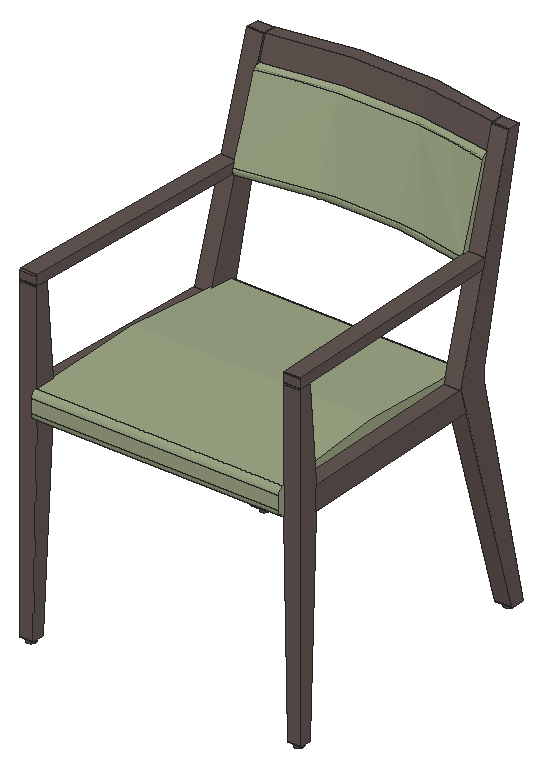
Revit family "Haworth_CandorModern_Chair_HalfBack", category Furniture, Revit 2018
Family settings
  OmniClass Number = 23.40.70.14.64.11
  OmniClass Title = Office Furniture
  Work Plane-Based = No
  Always vertical = Yes
  Cut with Voids When Loaded = No
  Shared = No
  Room Calculation Point = No
Parameters (values of type "SAS-22-A3A")
  Seat Finish [instance] = Haworth _ Fabric _ Tellure _ Spring 3A-37
  Model = "SAS-22-A3A"  # constant formula
  Glide Finish = Haworth _ Polymer _ Black
  Frame Finish [instance] = Haworth _ Wood _ Candor _ Espresso M3-W15
  Description = "Haworth_Chair_Candor_Modern_HalfBack"  # constant formula
  Warranty = "http://www.haworth.com/bottom-nav/product-info/warranty-info"
  URL - Product = "http://www.haworth.com/home/seating/guest-occasional/candor"
  URL = "http://www.haworth.com/"
  Sustainability Info = "http://www.haworth.com/bottom-nav/company-info/sustainability"
  Size = "Verify Final Dim. w/ Haworth"  # constant formula
  Revision Number = "1"  # constant formula
  Manufacturer = "Haworth"  # constant formula
  Author = "Haworth (Hampton)"  # constant formula
  Assembly Code = "E2020200"
  Actual Width = 21"  # constant formula
  Actual Height = 32 143/256"  # constant formula
  Actual Depth = 22 7/8"  # constant formula
Reference planes (in)
  plane 1 "Center F/B": y = -1.31687
  plane 2: z = 0
  plane 3 "Center L/R": x = 0
  plane 4 "Top": z = 32.55859
  plane 5 "Left": through (-16.36576, -179.89761, 0.21531) normal (0.9994, -0.0349, 0)
  plane 6: through (-10.71875, -180, 0) normal (-0.0262, 0, -0.9997)
  plane 7 "Back": y = 10.12063
  plane 8 "Front": y = -12.75437
  plane 9 "Seat Left": x = -7.90596
  plane 10 "Seat Right": x = 7.90596
  plane 11 "Right": through (16.36576, -179.89761, 0.21531) normal (0.9994, 0.0349, 0)
  plane 12 "Back Wood Bottom": z = 30.80943
  plane 13 "Void Bottom": z = 14.34707
  plane 14 "Seat Cushion Left": x = -11.78703
  plane 15 "Seat Cushion Right": x = 11.78703
Forms (in)
  Blend 1, solid, material "Haworth _ Wood _ Candor _ Espresso M3-W15" <- "Frame Finish"
    base sketch origin (0, 0, 0) x (1, 0, 0) y (0, 1, 0)
      loop
        line (-8.51702, 8.54401) -> (-8.54755, 7.66954)
        arc (-8.54755, 7.66954) -> (0, 8.64526) -> (8.54755, 7.66954) r 37.92722
        line (8.54755, 7.66954) -> (8.51702, 8.54399)
        arc (8.51702, 8.54399) -> (0, 9.62063) -> (-8.51702, 8.54401) r 34.22664
    top sketch origin (0, 0, 0) x (1, 0, 0) y (0, 1, 0)
      loop
        arc (-8.54755, 8.16954) -> (0, 9.14526) -> (8.54755, 8.16954) r 37.92722
        line (8.54755, 8.16954) -> (8.50152, 9.04797)
        arc (8.50152, 9.04797) -> (0, 10.12063) -> (-8.50152, 9.04799) r 34.22664
        line (-8.50152, 9.04799) -> (-8.54755, 8.16954)
    from 30.80943 to 32.55859
  Revolve 2, solid, material "Haworth _ Fabric _ Tellure _ Spring 3A-37" <- "Seat Finish"
    sketch origin (0, 0, 0) x (0, 1, 0) y (0, 0, 1)
      loop
        arc (8.11429, 23.75462) -> (8.49091, 23.8175) -> (8.71332, 24.12787) r 0.5
        line (8.71332, 24.12787) -> (10.13414, 30.19543)
        arc (10.13414, 30.19543) -> (10.0391, 30.62008) -> (9.64731, 30.80943) r 0.5
        line (9.64731, 30.80943) -> (8.71125, 30.80943)
        arc (8.71125, 30.80943) -> (8.41831, 30.71463) -> (8.23646, 30.46618) r 0.5
        line (8.23646, 30.46618) -> (6.34059, 24.72355)
        arc (6.34059, 24.72355) -> (6.3797, 24.32149) -> (6.70319, 24.07955) r 0.5
        line (6.70319, 24.07955) -> (8.11429, 23.75462)
      axis (-29.21017, 23.75462) -> (-29.21017, 30.80943)
    angle from -17 to 17
  Extrusion 3, void
    sketch origin (0, 0, 0) x (1, 0, 0) y (0, 1, 0)
      loop
        line (-8.49316, 9.40858) -> (-12.0759, 9.53369) -> (-13.31329, -14.0771) -> (-9.31329, -14.0771) -> (-8.49316, 9.40858)
      loop
        line (8.49316, 9.40858) -> (9.31329, -14.0771) -> (13.31329, -14.0771) -> (12.0759, 9.53369) -> (8.49316, 9.40858)
    from 14.34707 to 32.55859
  Extrusion 4, solid, material "Haworth _ Fabric _ Tellure _ Spring 3A-37" <- "Seat Finish"
    sketch origin (0, 0, 0) x (0, 1, 0) y (0, 0, 1)
      loop
        line (-12.75437, 16.89559) -> (-12.75437, 15.90311)
        arc (-12.75437, 15.90311) -> (-12.60793, 15.54955) -> (-12.25437, 15.40311) r 0.5
        line (-12.25437, 15.40311) -> (5.00852, 15.40311)
        arc (5.00852, 15.40311) -> (5.36207, 15.54955) -> (5.50852, 15.90311) r 0.5
        line (5.50852, 15.90311) -> (5.50852, 16.89882)
        arc (5.50852, 16.89882) -> (5.38393, 17.22907) -> (5.07226, 17.39474) r 0.5
        arc (5.07226, 17.39474) -> (-3.62312, 17.95039) -> (-12.31829, 17.39149) r 68.11603
        arc (-12.31829, 17.39149) -> (-12.62985, 17.22577) -> (-12.75437, 16.89559) r 0.5
    from -11.78703 to 11.78703
Cuts and joins
  Extrusion 3 cuts Revolve 2
  Extrusion 3 cuts Extrusion 4
Lines and regions (in)
  Masking region 1
    outline origin (0, 0, 0) x (1, 0, 0) y (0, 1, 0)
      loop
        line (-8.49979, 9.21852) -> (-8.63749, 5.27534)
        arc (-8.63749, 5.27534) -> (0, 6.19166) -> (8.63749, 5.27534) r 41.1679
        line (8.63749, 5.27534) -> (8.49979, 9.21852)
        arc (8.49979, 9.21852) -> (0, 10.12063) -> (-8.49979, 9.21852) r 40.49439
  Masking region 2
    outline origin (0, 0, 0) x (1, 0, 0) y (0, 1, 0)
      loop
        line (-8.63749, 5.27534) -> (-9.2671, -12.75439) -> (9.2671, -12.75439) -> (8.63749, 5.27534)
        arc (8.63749, 5.27534) -> (0, 6.19166) -> (-8.63749, 5.27534) r 41.1679
Dimensions and locks (in)
  "Actual Height": plane 4 "Top" to level
  equal spacing: plane 7 "Back", plane 1 "Center F/B", plane 8 "Front"
  "Actual Depth": plane 7 "Back" to plane 8 "Front"
  aligned: plane 5 "Left" to nested 1
  aligned and locked: plane 4 "Top" to Blend 1
  aligned and locked: plane 4 "Top" to Extrusion 3
  aligned and locked: Extrusion 3 to plane 13 "Void Bottom"
  aligned and locked: Extrusion 4 to plane 14 "Seat Cushion Left"
  aligned and locked: Extrusion 4 to plane 15 "Seat Cushion Right"
Automatic sketch dimensions
  Blend 1 sketch curve to plane 3 "Center L/R" = 0"  (x2)
  Blend 1 sketch curve to plane 3 "Center L/R" = 0.00003"  (x2)
  plane 9 "Seat Left" to Blend 1 sketch curve = 0.59556"
  plane 10 "Seat Right" to Blend 1 sketch curve = 0.59556"
  plane 10 "Seat Right" to Blend 1 sketch curve = 0.6416"  (x2)
  Blend 1 sketch curve to plane 8 "Front" = 16.02758"
  Blend 1 sketch curve to Blend 1 sketch curve = 4.67595"  (x2)
  Blend 1 sketch curve to plane 7 "Back" = 1.95109"
  Blend 1 sketch curve to Blend 1 sketch curve = 0.87845"
  plane 9 "Seat Left" to Blend 1 sketch curve = 0.6416"  (x2)
  plane 9 "Seat Left" to Blend 1 sketch curve = 0.61106"
  plane 10 "Seat Right" to Blend 1 sketch curve = 0.61106"
  Blend 1 sketch curve to plane 8 "Front" = 16.52758"
  Blend 1 sketch curve to plane 7 "Back" = 2.45109"
  Blend 1 sketch curve to Blend 1 sketch curve = 0.87447"
  Revolve 2 sketch curve to plane 12 "Back Wood Bottom" = 0"
  Revolve 2 sketch curve to plane 8 "Front" = 16.4558"
  Revolve 2 sketch curve to plane 7 "Back" = 3.78004"
  Revolve 2 sketch curve to Revolve 2 sketch curve = 0.3626"
  Revolve 2 sketch curve to Revolve 2 sketch curve = 0.47479"  (x2)
  Revolve 2 sketch curve to Revolve 2 sketch curve = 1.41111"
  Revolve 2 sketch curve to Revolve 2 sketch curve = 0.1122"
  Revolve 2 sketch curve to plane 12 "Back Wood Bottom" = 0.34325"
  Revolve 2 sketch curve to plane 7 "Back" = 1.88417"
  Revolve 2 sketch curve to Revolve 2 sketch curve = 0.48683"  (x2)
  Revolve 2 sketch curve to Revolve 2 sketch curve = 0.93606"
  Revolve 2 sketch curve to plane 12 "Back Wood Bottom" = 1/2"
  Revolve 2 sketch curve to Revolve 2 sketch curve = 5.74263"
  Revolve 2 sketch curve to Revolve 2 sketch curve = 0.15675"
  Revolve 2 sketch curve to Revolve 2 sketch curve = 0.32493"
  Revolve 2 sketch curve to Revolve 2 sketch curve = 0.114"
  Revolve 2 sketch curve to plane 12 "Back Wood Bottom" = 13.47342"
  plane 4 "Top" to Revolve 2 sketch curve = 6.77742"
  Extrusion 3 sketch curve to plane 8 "Front" = 1.32273"  (x2)
  plane 9 "Seat Left" to Extrusion 3 sketch curve = 5.40734"
  Extrusion 3 sketch curve to plane 7 "Back" = 0.58693"  (x2)
  plane 9 "Seat Left" to Extrusion 3 sketch curve = 4.16995"
  plane 9 "Seat Left" to Extrusion 3 sketch curve = 1.40734"
  plane 9 "Seat Left" to Extrusion 3 sketch curve = 0.5872"
  plane 10 "Seat Right" to Extrusion 3 sketch curve = 0.5872"
  plane 10 "Seat Right" to Extrusion 3 sketch curve = 1.40734"
  Extrusion 3 sketch curve to Extrusion 3 sketch curve = 3.58275"
  Extrusion 3 sketch curve to Extrusion 3 sketch curve = 4"
  Extrusion 4 sketch curve to plane 8 "Front" = 0"
  plane 8 "Front" to Extrusion 4 sketch curve = 0.43608"
  Extrusion 4 sketch curve to Extrusion 4 sketch curve = 0"  (x3)
  plane 8 "Front" to Extrusion 4 sketch curve = 1/2"
  Extrusion 4 sketch curve to Extrusion 4 sketch curve = 0.06392"
  plane 1 "Center F/B" to Extrusion 4 sketch curve = 2.2935"
  plane 13 "Void Bottom" to Extrusion 4 sketch curve = 1.05604"
  Extrusion 4 sketch curve to Extrusion 4 sketch curve = 0.06373"
  Extrusion 4 sketch curve to level = 50.16564"
  Extrusion 4 sketch curve to Extrusion 4 sketch curve = 0.49592"
  Masking region 1 sketch curve to plane 3 "Center L/R" = 0"  (x2)
  plane 9 "Seat Left" to Masking region 1 sketch curve = 0.59384"
  plane 9 "Seat Left" to Masking region 1 sketch curve = 0.73154"
  plane 10 "Seat Right" to Masking region 1 sketch curve = 0.59384"
  plane 10 "Seat Right" to Masking region 1 sketch curve = 0.73154"
  Masking region 1 sketch curve to plane 8 "Front" = 22.22187"
  Masking region 1 sketch curve to Masking region 1 sketch curve = 4.60247"
  Masking region 1 sketch curve to plane 7 "Back" = 4.84529"
  Masking region 1 sketch curve to plane 7 "Back" = 0.9021"
  Masking region 2 sketch curve to plane 3 "Center L/R" = 0"
  plane 9 "Seat Left" to Masking region 2 sketch curve = 0.73154"
  plane 9 "Seat Left" to Masking region 2 sketch curve = 1.36115"
  plane 10 "Seat Right" to Masking region 2 sketch curve = 0.73154"
  plane 10 "Seat Right" to Masking region 2 sketch curve = 1.36115"
  Masking region 2 sketch curve to plane 8 "Front" = 0"
  Masking region 2 sketch curve to plane 8 "Front" = 22.22187"
  Masking region 2 sketch curve to plane 7 "Back" = 4.84529"
Nested families (in)
  nested 1: "Haworth_Chair_Candor-Modern_Leg_Part" at (-9.48189, -0.99638, 0) x (0.9994, -0.0349, 0) z (0, 0, 1), type "Chair"
  nested 2: "Haworth_Chair_Candor-Modern_Leg_Part" at (9.48189, -0.99638, 0) x (-0.9994, -0.0349, 0) z (0, 0, 1), type "Chair"
Definition of nested family "Haworth_Chair_Candor-Modern_Leg_Part"
  Parameters
    Model = "Haworth_Chair_Candor-Modern_Leg_Part"  # constant formula
    Glide Finish = none
    Frame Finish = none
    Description = "Haworth_Chair_Candor-Modern_Leg_Part"
    Warranty = "http://www.haworth.com/bottom-nav/product-info/warranty-info"
    URL - Product = "http://www.haworth.com/home/seating/guest-occasional/candor"
    URL = "http://www.haworth.com/"
    Revision Number = "1"  # constant formula
    Manufacturer = "Haworth"  # constant formula
    Author = "Haworth (Hampton)"  # constant formula
    Assembly Code = "E2020200"
    Actual Width = 1 1/4"  # constant formula
    Actual Height = 32 3/4"  # constant formula
    Actual Depth = 23 1/2"  # constant formula
  Reference planes (in)
    plane 1 "Center F/B": y = -1.31687
    plane 2: z = 0
    plane 3 "Center L/R": x = 0
    plane 4 "Top": z = 32.75
    plane 5 "Left": x = -0.625
    plane 6: through (-10.71875, -180, 0) normal (-0.0262, 0, -0.9997)
    plane 7 "Right": x = 0.625
    plane 8 "Back": y = 10.43313
    plane 9 "Front": y = -13.06687
    plane 10 "Leg Void Back": y = -9.52415
    plane 11 "Leg Void Front": y = -12.02415
    plane 12 "Front Glide": x = -0.16715
    plane 13 "Glide Front": y = -10.83097
    plane 14 "Glide Back": y = 9.92217
  Forms (in)
    Extrusion 1, solid, material <- "Frame Finish"
      sketch origin (-0.625, 0, 0) x (0, 0, 1) y (0, -1, 0)
        loop
          line (0.3125, 11.28907) -> (0.24823, 11.2248) -> (0.24823, 10.41533) -> (0.31377, 10.3498) -> (15.15045, 9.78907) -> (17.40045, 9.78907) -> (24.18768, 10.40436) -> (24.25, 10.47119) -> (24.25, 11.22657) -> (24.1875, 11.28907) -> (0.3125, 11.28907)
      from 0 to 1.25
    Extrusion 2, solid, material <- "Frame Finish"
      sketch origin (-0.625, 0, 0) x (0, 0, 1) y (0, -1, 0)
        loop
          line (24.99912, 11.22745) -> (24.9375, 11.28907) -> (24.3125, 11.28907) -> (24.25018, 11.22674) -> (24.25018, -6.55356) -> (24.94132, -6.76486) -> (24.99912, -6.72439) -> (24.99912, 11.22745)
      from 0 to 1.25 <- "Actual Width"
    Extrusion 3, solid, material <- "Frame Finish"
      sketch origin (-0.625, 0, 0) x (0, 0, 1) y (0, -1, 0)
        loop
          line (17.1527, 9.72701) -> (17.09064, 9.78907) -> (15.46561, 9.78907) -> (15.40227, 9.72573) -> (15.40227, -4.8863) -> (17.09058, -4.37758) -> (17.1527, -4.31546) -> (17.1527, 9.72701)
      from 0 to 1.25
    Extrusion 4, solid, material <- "Frame Finish"
      sketch origin (-0.625, 0, 0) x (0, 0, 1) y (0, -1, 0)
        loop
          line (32.55836, -9.16398) -> (32.49994, -9.08055) -> (17.09058, -4.37758) -> (0.31256, -9.43313) -> (0.24766, -9.49802) -> (0.24766, -10.37026) -> (0.31053, -10.43313) -> (16.69516, -6.6602) -> (16.98597, -6.61414) -> (17.29524, -6.61414) -> (17.59316, -6.66667) -> (32.50098, -10.10157) -> (32.55836, -10.04418) -> (32.55836, -9.16398)
      from 0 to 1.25
    Extrusion 5, void
      sketch origin (0, -12.02415, 0) x (-1, 0, 0) y (0, 0, 1)
        loop
          line (-0.3034, -0.1292) -> (-0.625, 15.46561) -> (-0.66819, 15.46561) -> (-0.66819, -0.1292) -> (-0.3034, -0.1292)
      from 0 to 2.5
    Extrusion 6, solid, material <- "Glide Finish"
      sketch origin (0, 0, 0) x (1, 0, 0) y (0, 1, 0)
        loop
          circle (0, 9.92217) r 0.31231
      from 0 to 0.24766
    Extrusion 7, solid, material <- "Glide Finish"
      sketch origin (0, 0, 0) x (1, 0, 0) y (0, 1, 0)
        loop
          circle (-0.16715, -10.83097) r 0.31172
      from 0 to 0.24823
  Cuts and joins
    Extrusion 5 cuts Extrusion 1
  Lines and regions (in)
    Masking region 1
      outline origin (0, 0, 0) x (1, 0, 0) y (0, 1, 0)
        loop
          line (0.625, 10.43313) -> (-0.625, 10.43313) -> (-0.625, -11.28907) -> (0.625, -11.28907) -> (0.625, 10.43313)
  Dimensions and locks (in)
    "Actual Height": plane 4 "Top" to level
    equal spacing: plane 5 "Left", plane 3 "Center L/R", plane 7 "Right"
    "Actual Width": plane 5 "Left" to plane 7 "Right"
    equal spacing: plane 8 "Back", plane 1 "Center F/B", plane 9 "Front"
    "Actual Depth": plane 8 "Back" to plane 9 "Front"
    aligned and locked: Extrusion 1 to plane 5 "Left"
    aligned and locked: Extrusion 1 to plane 7 "Right"
    aligned and locked: plane 10 "Leg Void Back" to Extrusion 5
    aligned and locked: Extrusion 5 to plane 11 "Leg Void Front"
    aligned and locked: Extrusion 7 to level
    aligned and locked: Extrusion 7 to cut or joined group of Extrusion 1, Extrusion 5
    aligned and locked: Extrusion 6 to level
    aligned and locked: Extrusion 6 to Extrusion 4
  Automatic sketch dimensions
    Extrusion 1 sketch curve to Extrusion 1 sketch curve = 0.06427"  (x2)
    Extrusion 1 sketch curve to Extrusion 1 sketch curve = 0.06553"  (x2)
    plane 9 "Front" to Extrusion 1 sketch curve = 3.27781"
    Extrusion 1 sketch curve to Extrusion 1 sketch curve = 14.83668"
    Extrusion 1 sketch curve to Extrusion 1 sketch curve = 2 1/4"
    plane 9 "Front" to Extrusion 1 sketch curve = 1.77781"
    Extrusion 1 sketch curve to Extrusion 1 sketch curve = 6.78705"
    plane 9 "Front" to Extrusion 1 sketch curve = 2.66251"
    Extrusion 1 sketch curve to Extrusion 1 sketch curve = 0.00018"
    Extrusion 1 sketch curve to Extrusion 1 sketch curve = 0.06232"
    Extrusion 1 sketch curve to Extrusion 1 sketch curve = 0.93927"
    Extrusion 1 sketch curve to Extrusion 1 sketch curve = 0.06683"
    Extrusion 1 sketch curve to Extrusion 1 sketch curve = 1/16"
    Extrusion 2 sketch curve to plane 8 "Back" = 3.87957"
    Extrusion 2 sketch curve to plane 4 "Top" = 8.49982"
    Extrusion 2 sketch curve to Extrusion 2 sketch curve = 0.06232"  (x2)
    plane 9 "Front" to Extrusion 2 sketch curve = 1.77781"
    Extrusion 2 sketch curve to Extrusion 2 sketch curve = 5/8"
    Extrusion 2 sketch curve to plane 8 "Back" = 3.66827"
    Extrusion 2 sketch curve to Extrusion 2 sketch curve = 0.69114"
    Extrusion 2 sketch curve to Extrusion 2 sketch curve = 0.06162"
    Extrusion 2 sketch curve to plane 8 "Back" = 3.70874"
    plane 9 "Front" to Extrusion 2 sketch curve = 1.83943"
    Extrusion 4 sketch curve to plane 8 "Back" = 0"
    Extrusion 4 sketch curve to Extrusion 4 sketch curve = 0.06287"
    Extrusion 4 sketch curve to Extrusion 4 sketch curve = 0.0649"  (x2)
    Extrusion 4 sketch curve to plane 8 "Back" = 3.77292"
    Extrusion 4 sketch curve to plane 4 "Top" = 16.05484"
    Extrusion 4 sketch curve to plane 8 "Back" = 3.81898"
    Extrusion 4 sketch curve to Extrusion 4 sketch curve = 0.29082"
    Extrusion 4 sketch curve to plane 1 "Center F/B" = 5.69445"
    Extrusion 4 sketch curve to Extrusion 4 sketch curve = 0.10461"
    Extrusion 4 sketch curve to Extrusion 4 sketch curve = 0.30927"
    Extrusion 4 sketch curve to plane 8 "Back" = 3.76645"
    Extrusion 4 sketch curve to Extrusion 4 sketch curve = 0.29792"
    Extrusion 4 sketch curve to plane 4 "Top" = 0.25006"
    Extrusion 4 sketch curve to plane 4 "Top" = 0.24902"
    Extrusion 4 sketch curve to Extrusion 4 sketch curve = 0.05842"
    Extrusion 4 sketch curve to plane 8 "Back" = 0.06287"
    Extrusion 4 sketch curve to plane 8 "Back" = 0.33156"
    Extrusion 4 sketch curve to Extrusion 4 sketch curve = 0.05739"
    Extrusion 4 sketch curve to Extrusion 4 sketch curve = 0.87224"
    Extrusion 4 sketch curve to Extrusion 4 sketch curve = 0.8802"
    Extrusion 4 sketch curve to Extrusion 4 sketch curve = 0.08343"
    Extrusion 3 sketch curve to plane 8 "Back" = 5.54683"
    plane 9 "Front" to Extrusion 3 sketch curve = 3.34115"
    plane 9 "Front" to Extrusion 3 sketch curve = 3.27781"
    Extrusion 3 sketch curve to Extrusion 3 sketch curve = 0.06334"
    Extrusion 3 sketch curve to plane 1 "Center F/B" = 5.69445"
    Extrusion 3 sketch curve to Extrusion 3 sketch curve = 1.68831"
    Extrusion 3 sketch curve to Extrusion 3 sketch curve = 1.62504"
    Extrusion 3 sketch curve to Extrusion 3 sketch curve = 0.06205"  (x2)
    Extrusion 3 sketch curve to Extrusion 3 sketch curve = 0.06212"
    plane 7 "Right" to Extrusion 5 sketch curve = 0"
    Extrusion 5 sketch curve to plane 7 "Right" = 0.04319"
    plane 3 "Center L/R" to Extrusion 5 sketch curve = 0.3034"
    Extrusion 5 sketch curve to level = 0.1292"
    Extrusion 6 sketch curve to plane 3 "Center L/R" = 0"
    Extrusion 6 sketch curve to plane 14 "Glide Back" = 0"
    Extrusion 7 sketch curve to plane 12 "Front Glide" = 0"
    Extrusion 7 sketch curve to plane 13 "Glide Front" = 0"
    level to Extrusion 1 sketch curve = 0.24823"
    level to Extrusion 3 sketch curve = 15.40227"
    level to Extrusion 4 sketch curve = 0.31256"
    level to Extrusion 5 sketch curve = 15.46561"
    Masking region 1 sketch curve to plane 5 "Left" = 0"
    Masking region 1 sketch curve to plane 7 "Right" = 0"
    Masking region 1 sketch curve to plane 8 "Back" = 0"
    Masking region 1 sketch curve to plane 13 "Glide Front" = 0.45809"
    radius of Extrusion 6 sketch curve = 0.31231"
    radius of Extrusion 7 sketch curve = 0.31172"
